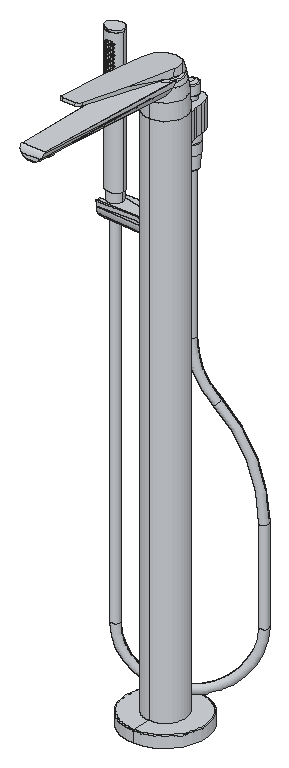
Revit family "Faucet-Bath_Filler-KOHLER-Avid-K-T97367", category Plumbing Fixtures, host Face, Revit 2015
Parameters (values of type "CP-Polished Chrome")
  Width = 4 3/4"  # constant formula
  WaterSense Certified = 1 = 0  # no
  Waste Water Outlet = "Waste Water Outlet"  # constant formula
  Waste Connection = 1 = 0  # no
  Vent Connection = 1 = 0  # no
  URL = "https://www.us.kohler.com/us/"
  Type = 1
  Spout Reach = 8 7/8"  # constant formula
  Product Page URL = "http://www.us.kohler.com/us/catalog/productDetails.jsp?productNumber=T97367-4"
  Product Name = "Avid"  # constant formula
  Product Documentation Link = "https://www.us.kohler.com/webassets/kpna/catalog/pdf/en/K-T97367-4_spec.pdf"
  Pressure = 45.00 psi  # constant formula
  Model = if(Type = 1, "K-T97367-4-CP", if(Type = 2, "K-T97367-4-BN", "NA"))  # "K-T97367-4-CP"
  Material = "Premium Metal Construction"  # constant formula
  MasterFormat 2004 = "22.41.39"  # constant formula
  MasterFormat 1995 = "15410"  # constant formula
  Manufacturer Address = "444 Highland Dr, Kohler, WI 53044"  # constant formula
  Manufacturer = "KOHLER Co."  # constant formula
  Length = Spout Reach  # 8 7/8"
  Hot Water Inlet = "Hot Water Inlet"  # constant formula
  Height = 36 9/16"  # constant formula
  Handle Clearance = 7 7/32"  # constant formula
  HW Connection = 1 = 1  # yes
  Flow Rate = 7.5 GPM  # constant formula
  Finish = Kohler-Metal-CP-Polished_Chrome
  Environmental Product Declaration = ""
  Drain Included = 1 = 0  # no
  Description = "Floor-Mount Bath Filler Trim"  # constant formula
  Default Elevation = 0"
  Declare Label = ""
  Date Modified = "06/19/2019"  # constant formula
  Date Created = "06/19/2019"  # constant formula
  Copyright = "Copyright KOHLER Co."  # constant formula
  Contact Us = "https://www.us.kohler.com/us/static/contact.jsp"
  Cold Water Inlet = "Cold Water Inlet"  # constant formula
  CW Connection = 1 = 1  # yes
  Assembly Code = "D2010"
  ADA Compliant = 1 = 0  # no
Reference planes (in)
  plane 1 "Center (Front/Back)": y = 0
  plane 2: z = 0
  plane 3 "Center (Left/Right)": x = 0
  plane 4: x = 2.375
  plane 5: x = -2.375
  plane 6: y = 2.375
  plane 7: y = -2.375
  plane 8: z = 34.48
  plane 9: z = 36.3582
  plane 10: z = 35.209
  plane 11: y = -8.875
  plane 12: y = -7.21875
  plane 13: x = -3.5625
  plane 14: z = 27.6707
  plane 15: x = -0.54927
  plane 16: x = 0.54927
  plane 17: z = 36.5625
  plane 18: y = 7.875
Dimensions and locks (in)
  host face to plane 8 = 34.48"
  locked: plane 9 to plane 14 at 8.6875
  "Handle Clearance": plane 1 "Center (Front/Back)" to plane 12
  "Width": plane 5 to plane 4
  locked: plane 3 "Center (Left/Right)" to plane 13 at 3.5625
  "Height": plane 17 to level
  locked: level to plane 8 at 34.48
  "Length": plane 1 "Center (Front/Back)" to plane 11
  "Spout Reach": plane 11 to plane 1 "Center (Front/Back)"
  locked: plane 18 to plane 1 "Center (Front/Back)" at 7.875
  aligned and locked: plane 2 to host face
  aligned and locked: level to host face
Automatic sketch dimensions
  host sketch curve to host sketch curve = 96"  (x2)
Nested families (in)
  nested 1: "K-T97367" at (0, 0, 0), type "K-T97367"
Connectors (in)
  piping at (-0.54927, 0, 0), diameter 0.5, driven by "HW Connection", driven by "Hot Water Inlet", driven by "Flow Rate", driven by "Pressure"
    settings: on nested 1, index 1, connector inside diameter 24", connector length 0", flow factor 0, pipe flow 7.5 GPM, pressure drop 45.00 psi, fitting loss kfactor 0, connector angle 0.00°, fixture units 0, engagement length 0", angle of deflection 0.00°, flow configuration 1, flow direction 1, fitting loss method 4, system type 19, joint type 0, gender type 0, connector reference index -1, connector utility 1, adjustable connector no, is connector primary yes, connector description "Hot Water Inlet"
  piping at (0.54927, 0, 0), diameter 0.5, driven by "Flow Rate", driven by "Pressure", driven by "CW Connection", driven by "Cold Water Inlet"
    settings: on nested 1, index 2, connector inside diameter 24", connector length 0", flow factor 0, pipe flow 7.5 GPM, pressure drop 45.00 psi, fitting loss kfactor 0, connector angle 0.00°, fixture units 0, engagement length 0", angle of deflection 0.00°, flow configuration 1, flow direction 1, fitting loss method 4, system type 20, joint type 0, gender type 0, connector reference index -1, connector utility 1, adjustable connector no, is connector primary no, connector description "Cold Water Inlet"
Definition of nested family "K-T97367"
  Parameters (values of type "K-T97367")
    Material = none
  Reference planes (in)
    plane 1 "Center (Front/Back)": y = 0
    plane 2: z = 0
    plane 3 "Center (Left/Right)": x = 0
    plane 4: z = 36.562
    plane 5: z = 26.201
    plane 6: z = 27.838
    plane 7: x = -2.375
    plane 8: z = 34.48
    plane 9: z = 31.904
    plane 10: y = -7.21875
    plane 11: y = 2.706
    plane 12: y = -8.875
    plane 13 "A": through (-2.91759, -0.00005, 48) normal (-0.5592, 0.829, 0)
    plane 14: y = 2.375
    plane 15: y = -2.375
    plane 16: x = 2.375
    plane 17: x = -3.5625
    plane 18: z = 25.21849
    plane 19: z = 27.08786
    plane 20: z = 36.3582
    plane 21: z = 27.6707
    plane 22: z = 35.209
    plane 23: x = -0.54927
    plane 24: x = 0.54927
  Forms (in)
    Revolve 1, solid, material <- "Material", detail levels medium+fine
      sketch origin (0, 0, 0) x (0, -1, 0) y (0, 0, 1)
        loop
          line (-2.375, 0) -> (0, 0) -> (0, 35.3936) -> (-0.57756, 35.3936)
          arc (-0.57756, 35.3936) -> (-0.67017, 35.17924) -> (-0.73702, 34.95551) r 1.989
          line (-0.73702, 34.95551) -> (-0.93199, 34.9249)
          arc (-0.93199, 34.9249) -> (-0.96746, 34.90953) -> (-0.99101, 34.87888) r 0.07711
          arc (-0.99101, 34.87888) -> (-1.03721, 34.75057) -> (-1.06875, 34.6179) r 1.21577
          arc (-1.06875, 34.6179) -> (-1.12069, 34.26945) -> (-1.15212, 33.91857) r 6.009
          arc (-1.15212, 33.91857) -> (-1.17395, 33.43379) -> (-1.18123, 32.94858) r 16.17261
          line (-1.18123, 32.94858) -> (-1.18123, 0.68897) -> (-2.3342, 0.68897)
          arc (-2.3342, 0.68897) -> (-2.36305, 0.67702) -> (-2.375, 0.64817) r 0.0408
          line (-2.375, 0.64817) -> (-2.375, 0)
        axis (0, 35.3936) -> (0, 0)
      angle from 0 to 360
    SweptBlend 2, solid, material <- "Material", detail levels medium+fine
      path origin (0, 0, 0) x (0, 1, 0) y (0, 0, 1)
        loop
          line (0.20085, 34.46296) -> (-10.29275, 34.82941)
      profile origin (0, 0.20085, 34.46296) x (0, -0.034899, -0.999391) y (1, 0, 0)
        loop
          arc (0.33349, 0.61108) -> (0.14586, 0.78525) -> (-0.08846, 0.88837) r 0.77095
          arc (-0.08846, 0.88837) -> (-0.24846, 0.9166) -> (-0.41087, 0.92122) r 1.11204
          arc (-0.41087, 0.92122) -> (-0.42713, 0.91383) -> (-0.43378, 0.89725) r 0.02399
          line (-0.43378, 0.89725) -> (-0.43378, -0.89725)
          arc (-0.43378, -0.89725) -> (-0.42713, -0.91383) -> (-0.41087, -0.92122) r 0.02399
          arc (-0.41087, -0.92122) -> (-0.38698, -0.92203) -> (-0.36309, -0.92232) r 1.11204
          arc (-0.36309, -0.92232) -> (-0.22471, -0.91392) -> (-0.08846, -0.88837) r 1.11204
          arc (-0.08846, -0.88837) -> (0.14586, -0.78525) -> (0.33349, -0.61108) r 0.77095
          arc (0.33349, -0.61108) -> (0.48798, -0.32274) -> (0.54137, 0) r 1.00211
          arc (0.54137, 0) -> (0.48798, 0.32274) -> (0.33349, 0.61108) r 1.00211
      end profile origin (0, -10.29275, 34.82941) x (0, -0.034899, -0.999391) y (1, 0, 0)
        loop
          arc (-0.38489, -0.67388) -> (-0.3812, -0.69191) -> (-0.37071, -0.70704) r 0.04588
          arc (-0.37071, -0.70704) -> (-0.35155, -0.71801) -> (-0.32949, -0.71875) r 0.04588
          arc (-0.32949, -0.71875) -> (-0.26844, -0.70303) -> (-0.20896, -0.68214) r 0.73525
          arc (-0.20896, -0.68214) -> (-0.01712, -0.56904) -> (0.13206, -0.40369) r 0.73525
          arc (0.13206, -0.40369) -> (0.25153, 0.04881) -> (0.07373, 0.48174) r 0.73525
          arc (0.07373, 0.48174) -> (-0.01114, 0.56507) -> (-0.10834, 0.63363) r 0.73525
          arc (-0.10834, 0.63363) -> (-0.21532, 0.68561) -> (-0.32948, 0.71875) r 0.73525
          arc (-0.32948, 0.71875) -> (-0.35155, 0.71801) -> (-0.37071, 0.70704) r 0.04588
          arc (-0.37071, 0.70704) -> (-0.3812, 0.69191) -> (-0.38489, 0.67388) r 0.04588
          line (-0.38489, 0.67388) -> (-0.38489, -0.67388)
    Extrusion 3, void
      sketch origin (0, 0, 0) x (0, 1, 0) y (0, 0, 1)
        loop
          arc (-10.0429, 34.82068) -> (-9.94419, 35.07942) -> (-9.70281, 35.21514) r 0.40708
          line (-9.70281, 35.21514) -> (-10.4691, 35.2553) -> (-10.4691, 34.52013) -> (-9.9571, 34.49329)
          arc (-9.9571, 34.49329) -> (-10.02206, 34.53306) -> (-10.04666, 34.60514) r 0.1122
          line (-10.04666, 34.60514) -> (-10.0429, 34.82068)
      from -1.28262 to 1.38183
    Extrusion 4, solid, material <- "Material", detail levels medium+fine
      sketch origin (0, 0, 0) x (1, 0, 0) y (0, 1, 0)
        loop
          arc (-0.79001, 1.33811) -> (-0.81235, 1.1978) -> (-0.84442, 1.05938) r 2.03755
          arc (-0.84442, 1.05938) -> (-0.89394, 0.85351) -> (-0.93251, 0.64531) r 4.00381
          line (-0.93251, 0.64531) -> (0.96938, 0.64531)
          arc (0.96938, 0.64531) -> (0.90289, 0.8513) -> (0.84327, 1.05938) r 6.53492
          arc (0.84327, 1.05938) -> (0.8112, 1.1978) -> (0.78886, 1.33811) r 2.03755
          arc (0.78886, 1.33811) -> (0.7648, 1.53551) -> (0.74143, 1.73299) r 57.18807
          arc (0.74143, 1.73299) -> (0.7208, 1.91239) -> (0.70074, 2.09185) r 57.18807
          arc (0.70074, 2.09185) -> (0.62217, 2.34051) -> (0.45443, 2.54018) r 0.66845
          arc (0.45443, 2.54018) -> (-0.00057, 2.70005) -> (-0.45558, 2.54018) r 0.72742
          arc (-0.45558, 2.54018) -> (-0.62332, 2.34051) -> (-0.70189, 2.09185) r 0.66845
          arc (-0.70189, 2.09185) -> (-0.72195, 1.91239) -> (-0.74258, 1.73299) r 57.18807
          arc (-0.74258, 1.73299) -> (-0.76595, 1.53551) -> (-0.79001, 1.33811) r 57.18807
      from 31.11645 to 32.69125
    SweptBlend 5, solid, material <- "Material", detail levels medium+fine
      path origin (0.0625, 0, 0) x (1, 0, 0) y (0, 1, 0)
        loop
          line (-0.98262, 0.07874) -> (-3.68064, 0.07874)
      profile origin (-0.92012, 0.07874, 0) x (0, -1, 0) y (0, 0, 1)
        loop
          line (0.07874, 27.088) -> (-0.58037, 27.088)
          arc (-0.58037, 27.088) -> (-0.60079, 27.07954) -> (-0.60926, 27.05911) r 0.02889
          line (-0.60926, 27.05911) -> (-0.60926, 26.99388) -> (-0.60926, 26.79578) -> (-0.60926, 26.62713)
          arc (-0.60926, 26.62713) -> (-0.54823, 26.3386) -> (-0.37562, 26.09947) r 0.71266
          arc (-0.37562, 26.09947) -> (0.07874, 25.924) -> (0.5331, 26.09947) r 0.67597
          arc (0.5331, 26.09947) -> (0.70572, 26.3386) -> (0.76674, 26.62713) r 0.71266
          line (0.76674, 26.62713) -> (0.76674, 26.83855) -> (0.76674, 27.05911)
          arc (0.76674, 27.05911) -> (0.75828, 27.07954) -> (0.73785, 27.088) r 0.02889
          line (0.73785, 27.088) -> (0.07874, 27.088)
      end profile origin (-3.61814, 0.07874, 0) x (0, -1, 0) y (0, 0, 1)
        loop
          arc (-0.52642, 27.0866) -> (-0.54708, 27.07788) -> (-0.55526, 27.05701) r 0.02885
          line (-0.55526, 27.05701) -> (-0.55265, 26.95575) -> (-0.54794, 26.77267) -> (-0.54794, 26.70098)
          arc (-0.54794, 26.70098) -> (-0.50542, 26.46538) -> (-0.38322, 26.25951) r 0.67395
          arc (-0.38322, 26.25951) -> (0.07874, 26.04861) -> (0.5407, 26.25951) r 0.61139
          arc (0.5407, 26.25951) -> (0.6629, 26.46538) -> (0.70543, 26.70098) r 0.67395
          line (0.70543, 26.70098) -> (0.70543, 26.77267) -> (0.71274, 27.05712)
          arc (0.71274, 27.05712) -> (0.70459, 27.07792) -> (0.68401, 27.0866) r 0.02874
          line (0.68401, 27.0866) -> (-0.52642, 27.0866)
    Extrusion 6, void
      sketch origin (0.0625, -0.03906, 0) x (1, 0, 0) y (0, 1, 0)
        loop
          arc (-3.36392, -0.30314) -> (-2.8853, -0.36801) -> (-2.62527, 0.03902) r 0.44857
          arc (-2.62527, 0.03902) -> (-2.93501, 0.46556) -> (-3.43647, 0.30305) r 0.44857
          line (-3.43647, 0.30305) -> (-3.94898, 0.30307) -> (-3.94898, -0.30317) -> (-3.36392, -0.30314)
      from 22.98369 to 28.36142
    Blend 7, solid, material <- "Material", detail levels medium+fine
      base sketch origin (0, -6.30203, -0.69555) x (1, 0, 0) y (0, 0.985425, -0.17011)
        loop
          line (0.60154, -6.99827) -> (0.91411, -0.48493)
          arc (0.91411, -0.48493) -> (0.89193, -0.11281) -> (0.79088, 0.24602) r 1.7375
          arc (0.79088, 0.24602) -> (0, 0.78063) -> (-0.79088, 0.24602) r 0.85231
          arc (-0.79088, 0.24602) -> (-0.89193, -0.11281) -> (-0.91411, -0.48493) r 1.7375
          line (-0.91411, -0.48493) -> (-0.60197, -6.98935)
          arc (-0.60197, -6.98935) -> (-0.53038, -7.146) -> (-0.37048, -7.21) r 0.23176
          line (-0.37048, -7.21) -> (0.37941, -7.21)
          arc (0.37941, -7.21) -> (0.53285, -7.14859) -> (0.60154, -6.99827) r 0.22239
      top sketch origin (0, -6.30203, -0.69555) x (1, 0, 0) y (0, 0.985425, -0.17011)
        loop
          arc (-0.60155, -6.99562) -> (-0.52922, -7.14806) -> (-0.37228, -7.21) r 0.22979
          line (-0.37228, -7.21) -> (0.38019, -7.21)
          arc (0.38019, -7.21) -> (0.53135, -7.15034) -> (0.60102, -7.00352) r 0.22133
          line (0.60102, -7.00352) -> (0.98969, -1.22128)
          arc (0.98969, -1.22128) -> (1.01, -0.9067) -> (1.02866, -0.59202) r 59.74463
          arc (1.02866, -0.59202) -> (1.02817, -0.18978) -> (0.98132, 0.20972) r 3.48329
          arc (0.98132, 0.20972) -> (0, 1.03315) -> (-0.98132, 0.20972) r 0.99645
          arc (-0.98132, 0.20972) -> (-1.02817, -0.18978) -> (-1.02866, -0.59202) r 3.48329
          arc (-1.02866, -0.59202) -> (-1.01, -0.9067) -> (-0.98969, -1.22128) r 59.74463
          line (-0.98969, -1.22128) -> (-0.60155, -6.99562)
      from 36.98935 to 36.44229
    Extrusion 8, void
      sketch origin (0, 0, 0) x (0, 1, 0) y (0, 0, 1)
        loop
          line (-7.20999, 36.562) -> (1.06893, 35.4553) -> (1.06893, 37.52495) -> (-7.20999, 37.52495) -> (-7.20999, 36.562)
      from -1.00868 to 12
    Extrusion 9, solid, material <- "Material", detail levels medium+fine
      sketch origin (0, 0, 0) x (1, 0, 0) y (0, 1, 0)
        loop
          spline (-3.56439, 0.00002) -> (-3.54567, -0.12444) -> (-3.49078, -0.24042) -> (-3.40347, -0.34001) -> (-3.28969, -0.41643) -> (-3.15718, -0.46447) -> (-3.01499, -0.48085) -> (-2.87279, -0.46447) -> (-2.74029, -0.41643) -> (-2.6265, -0.34001) -> (-2.53919, -0.24042) -> (-2.48431, -0.12444) -> (-2.46559, 0.00002)
          spline (-2.46559, 0.00002) -> (-2.48431, 0.12448) -> (-2.53919, 0.24045) -> (-2.6265, 0.34005) -> (-2.74029, 0.41647) -> (-2.87279, 0.46451) -> (-3.01499, 0.48089) -> (-3.15718, 0.46451) -> (-3.28969, 0.41647) -> (-3.40347, 0.34005) -> (-3.49078, 0.24045) -> (-3.54567, 0.12448) -> (-3.56439, 0.00002)
      from 27.6707 to 36.3582
    Extrusion 10, solid, material <- "Material", detail levels medium+fine
      sketch origin (-0.09375, 0, 0) x (1, 0, 0) y (0, 1, 0)
        loop
          circle (-2.91759, -0.00005) r 0.44857
      from 26.2842 to 27.91199
    Sweep 11, solid, material <- "Material", detail levels medium+fine
      path origin (-0.9123, 1.35254, 0) x (-0.829038, -0.559193, 0) y (0, 0, 1)
        loop
          line (2.47426, 27.7862) -> (2.47426, 4.46766)
          arc (2.47426, 4.46766) -> (-1.01326, 0.98014) -> (-4.50078, 4.46766) r 3.48752
          line (-4.50078, 4.46766) -> (-4.50078, 10.06248)
          arc (-4.50078, 10.06248) -> (-3.93564, 13.44757) -> (-2.30153, 16.46548) r 10.42061
          arc (-2.30153, 16.46548) -> (-1.41292, 18.10658) -> (-1.1056, 19.94734) r 5.66658
          line (-1.1056, 19.94734) -> (-1.1056, 30.69734)
      profile origin (-2.96356, -0.03105, 16.12693) x (-0.559193, 0.829038, 0) y (-0.829038, -0.559193, 0)
        loop
          circle (0, 0) r 0.25
    Revolve 12, solid, material <- "Material", detail levels medium+fine
      sketch origin (0, 0, 0) x (0, 1, 0) y (0, 0, 1)
        loop
          line (1.97715, 31.11645) -> (1.97715, 28.99122) -> (2.33916, 28.99122)
          arc (2.33916, 28.99122) -> (2.36757, 29.0027) -> (2.38003, 29.03068) r 0.04089
          line (2.38003, 29.03068) -> (2.40697, 29.8022) -> (2.43975, 29.81748) -> (2.43975, 30.41044)
          arc (2.43975, 30.41044) -> (2.44716, 30.42658) -> (2.44969, 30.44415) r 0.06212
          line (2.44969, 30.44415) -> (2.44969, 31.11645) -> (1.97715, 31.11645)
        loop
          line (1.97715, 33.57314) -> (1.97715, 32.69125) -> (2.2606, 32.69125) -> (2.2606, 32.95241)
          arc (2.2606, 32.95241) -> (2.26944, 32.97375) -> (2.29078, 32.98259) r 0.03018
          line (2.29078, 32.98259) -> (2.33975, 32.98259)
          arc (2.33975, 32.98259) -> (2.36174, 32.9917) -> (2.37085, 33.01369) r 0.0311
          line (2.37085, 33.01369) -> (2.37085, 33.54051)
          arc (2.37085, 33.54051) -> (2.36129, 33.56358) -> (2.33822, 33.57314) r 0.03263
          line (2.33822, 33.57314) -> (1.97715, 33.57314)
        axis (1.97715, 33.57314) -> (1.97715, 28.99122)
      angle from 0 to 360
    Revolve 13, solid, material <- "Material", detail levels medium+fine
      sketch origin (0, -1.20362, -0.27612) x (0, 0.999395, -0.034782) y (0, 0.034782, 0.999395)
        loop
          line (-8.89288, 34.47502) -> (-8.54619, 34.45669)
          arc (-8.54619, 34.45669) -> (-8.53154, 34.46187) -> (-8.52485, 34.47588) r 0.0203
          line (-8.52485, 34.47588) -> (-8.51412, 34.67874) -> (-8.88921, 34.69857) -> (-8.89288, 34.47502)
        axis (-8.89309, 34.46239) -> (-8.88921, 34.69857)
      angle from 0 to 360
    Extrusion 14, void
      sketch origin (0, 0, 0) x (1, 0, 0) y (0, 1, 0)
        loop
          spline (-2.46559, 0.00002) -> (-2.48431, 0.12448) -> (-2.53919, 0.24045) -> (-2.6265, 0.34005) -> (-2.74029, 0.41647) -> (-2.87279, 0.46451) -> (-3.01499, 0.48089) -> (-3.15718, 0.46451) -> (-3.28969, 0.41647) -> (-3.40347, 0.34005) -> (-3.49078, 0.24045) -> (-3.54567, 0.12448) -> (-3.56439, 0.00002)
          spline (-3.56439, 0.00002) -> (-3.54567, -0.12444) -> (-3.49078, -0.24042) -> (-3.40347, -0.34001) -> (-3.28969, -0.41643) -> (-3.15718, -0.46447) -> (-3.01499, -0.48085) -> (-2.87279, -0.46447) -> (-2.74029, -0.41643) -> (-2.6265, -0.34001) -> (-2.53919, -0.24042) -> (-2.48431, -0.12444) -> (-2.46559, 0.00002)
        loop
          spline (-2.47573, 0.00002) -> (-2.4941, 0.11893) -> (-2.54798, 0.22974) -> (-2.63367, 0.32489) -> (-2.74536, 0.39791) -> (-2.87542, 0.44381) -> (-3.01499, 0.45946) -> (-3.15456, 0.44381) -> (-3.28462, 0.39791) -> (-3.3963, 0.32489) -> (-3.482, 0.22974) -> (-3.53587, 0.11893) -> (-3.55425, 0.00002)
          spline (-3.55425, 0.00002) -> (-3.53587, -0.11889) -> (-3.482, -0.2297) -> (-3.3963, -0.32486) -> (-3.28462, -0.39787) -> (-3.15456, -0.44377) -> (-3.01499, -0.45942) -> (-2.87542, -0.44377) -> (-2.74536, -0.39787) -> (-2.63367, -0.32486) -> (-2.54798, -0.2297) -> (-2.4941, -0.11889) -> (-2.47573, 0.00002)
      from 32.54195 to 32.59566
    Extrusion 15, void
      sketch origin (0, 0, 3.6875) x (1, 0, 0) y (0, 1, 0)
        loop
          spline (-2.46559, 0.00002) -> (-2.48431, 0.12448) -> (-2.53919, 0.24045) -> (-2.6265, 0.34005) -> (-2.74029, 0.41647) -> (-2.87279, 0.46451) -> (-3.01499, 0.48089) -> (-3.15718, 0.46451) -> (-3.28969, 0.41647) -> (-3.40347, 0.34005) -> (-3.49078, 0.24045) -> (-3.54567, 0.12448) -> (-3.56439, 0.00002)
          spline (-3.56439, 0.00002) -> (-3.54567, -0.12444) -> (-3.49078, -0.24042) -> (-3.40347, -0.34001) -> (-3.28969, -0.41643) -> (-3.15718, -0.46447) -> (-3.01499, -0.48085) -> (-2.87279, -0.46447) -> (-2.74029, -0.41643) -> (-2.6265, -0.34001) -> (-2.53919, -0.24042) -> (-2.48431, -0.12444) -> (-2.46559, 0.00002)
        loop
          spline (-2.47573, 0.00002) -> (-2.4941, 0.11893) -> (-2.54798, 0.22974) -> (-2.63367, 0.32489) -> (-2.74536, 0.39791) -> (-2.87542, 0.44381) -> (-3.01499, 0.45946) -> (-3.15456, 0.44381) -> (-3.28462, 0.39791) -> (-3.3963, 0.32489) -> (-3.482, 0.22974) -> (-3.53587, 0.11893) -> (-3.55425, 0.00002)
          spline (-3.55425, 0.00002) -> (-3.53587, -0.11889) -> (-3.482, -0.2297) -> (-3.3963, -0.32486) -> (-3.28462, -0.39787) -> (-3.15456, -0.44377) -> (-3.01499, -0.45942) -> (-2.87542, -0.44377) -> (-2.74536, -0.39787) -> (-2.63367, -0.32486) -> (-2.54798, -0.2297) -> (-2.4941, -0.11889) -> (-2.47573, 0.00002)
      from 32.54195 to 32.59566
    Extrusion 16, solid, detail levels medium+fine
      sketch origin (0, 0, 0) x (1, 0, 0) y (0, 0, 1)
        loop
          circle (-3.12095, 35.73047) r 0.06418
        loop
          circle (-2.90193, 35.73047) r 0.06418
        loop
          circle (-3.12095, 35.534) r 0.06418
        loop
          circle (-2.90193, 35.534) r 0.06418
        loop
          circle (-3.12095, 35.33343) r 0.06418
        loop
          circle (-2.90193, 35.33343) r 0.06418
        loop
          circle (-3.12095, 35.13244) r 0.06418
        loop
          circle (-2.90193, 35.13244) r 0.06418
        loop
          circle (-3.12095, 34.93632) r 0.06418
        loop
          circle (-2.90193, 34.93632) r 0.06418
        loop
          circle (-3.12095, 34.73635) r 0.06418
        loop
          circle (-2.90193, 34.73635) r 0.06418
        loop
          circle (-3.12095, 34.5396) r 0.06418
        loop
          circle (-2.90193, 34.5396) r 0.06418
        loop
          circle (-3.12095, 34.34297) r 0.06418
        loop
          circle (-2.90193, 34.34297) r 0.06418
        loop
          circle (-3.12095, 34.14168) r 0.06418
        loop
          circle (-2.90193, 34.14168) r 0.06418
        loop
          circle (-3.12095, 33.94464) r 0.06418
        loop
          circle (-2.90193, 33.94464) r 0.06418
        loop
          circle (-3.12095, 33.74681) r 0.06418
        loop
          circle (-2.90193, 33.74681) r 0.06418
        loop
          circle (-3.12095, 33.54386) r 0.06418
        loop
          circle (-2.90193, 33.54386) r 0.06418
        loop
          circle (-3.12152, 33.34699) r 0.06418
        loop
          circle (-2.9025, 33.34699) r 0.06418
        loop
          circle (-3.12137, 33.15023) r 0.06418
        loop
          circle (-2.90235, 33.15023) r 0.06418
        loop
          circle (-3.22685, 35.62977) r 0.06484
        loop
          circle (-3.01086, 35.63346) r 0.06484
        loop
          circle (-2.796, 35.62955) r 0.06484
        loop
          circle (-3.22685, 35.43062) r 0.06484
        loop
          circle (-3.01086, 35.43431) r 0.06484
        loop
          circle (-2.796, 35.4304) r 0.06484
        loop
          circle (-3.22685, 35.23388) r 0.06484
        loop
          circle (-3.01086, 35.23758) r 0.06484
        loop
          circle (-2.796, 35.23367) r 0.06484
        loop
          circle (-3.22685, 35.03726) r 0.06484
        loop
          circle (-3.01086, 35.04095) r 0.06484
        loop
          circle (-2.796, 35.03705) r 0.06484
        loop
          circle (-3.22685, 34.83673) r 0.06484
        loop
          circle (-3.01086, 34.84042) r 0.06484
        loop
          circle (-2.796, 34.83652) r 0.06484
        loop
          circle (-3.22685, 34.63864) r 0.06484
        loop
          circle (-3.01086, 34.64233) r 0.06484
        loop
          circle (-2.796, 34.63842) r 0.06484
        loop
          circle (-3.22685, 34.44064) r 0.06484
        loop
          circle (-3.01086, 34.44433) r 0.06484
        loop
          circle (-2.796, 34.44042) r 0.06484
        loop
          circle (-3.22685, 34.23905) r 0.06484
        loop
          circle (-3.01086, 34.24274) r 0.06484
        loop
          circle (-2.796, 34.23884) r 0.06484
        loop
          circle (-3.22685, 34.03958) r 0.06484
        loop
          circle (-3.01086, 34.04327) r 0.06484
        loop
          circle (-2.796, 34.03936) r 0.06484
        loop
          circle (-3.22685, 33.83758) r 0.06484
        loop
          circle (-3.01086, 33.84127) r 0.06484
        loop
          circle (-2.796, 33.83736) r 0.06484
        loop
          circle (-3.22685, 33.6438) r 0.06484
        loop
          circle (-3.01086, 33.64749) r 0.06484
        loop
          circle (-2.796, 33.64359) r 0.06484
        loop
          circle (-3.22685, 33.44718) r 0.06484
        loop
          circle (-3.01086, 33.45087) r 0.06484
        loop
          circle (-2.796, 33.44696) r 0.06484
        loop
          circle (-3.22685, 33.24825) r 0.06484
        loop
          circle (-3.01086, 33.25194) r 0.06484
        loop
          circle (-2.796, 33.24804) r 0.06484
      from 0 to 0.72643
    Extrusion 17, void
      sketch origin (0, 0, 0) x (1, 0, 0) y (0, 1, 0)
        loop
          line (-3.3378, -0.42904) -> (-3.3378, -0.76918) -> (-2.69023, -0.76918) -> (-2.69023, -0.4326)
          arc (-2.69023, -0.4326) -> (-3.01444, -0.50899) -> (-3.3378, -0.42904) r 0.70968
      from 32.69125 to 35.9372
    Revolve 18, solid, material <- "Material", detail levels coarse
      sketch origin (0, 0, 0) x (0, 1, 0) y (0, 0, 1)
        loop
          line (0, 35.18514) -> (0, 0) -> (2.375, 0) -> (2.375, 0.68897) -> (1.18123, 0.68897) -> (1.18123, 35.18514) -> (0, 35.18514)
        axis (0, 35.18514) -> (0, 0)
      angle from 0 to 360
    Extrusion 19, solid, material <- "Material", detail levels coarse
      sketch origin (0, 0, 0) x (1, 0, 0) y (0, 1, 0)
        loop
          line (-0.84174, 0.19866) -> (-0.84174, -10.05134) -> (0.81752, -10.05134) -> (0.81752, 0.19866) -> (-0.84174, 0.19866)
      from 34.46875 to 34.95551
    Extrusion 20, solid, material <- "Material", detail levels coarse
      sketch origin (0, -6.33158, -0.69747) x (1, 0, 0) y (0, 0.985302, -0.170823)
        loop
          line (-0.65384, 0.98142) -> (-0.65384, -7.21875) -> (0.59033, -7.21875) -> (0.59033, 0.98142) -> (-0.65384, 0.98142)
      from 36.4477 to 36.57244
    Extrusion 21, solid, material <- "Material", detail levels coarse
      sketch origin (0, 0, 0) x (1, 0, 0) y (0, 1, 0)
        loop
          spline (-3.61151, 0) -> (-3.59154, -0.13183) -> (-3.53298, -0.25468) -> (-3.43982, -0.36018) -> (-3.31842, -0.44113) -> (-3.17705, -0.49201) -> (-3.02533, -0.50937) -> (-2.87362, -0.49201) -> (-2.73225, -0.44113) -> (-2.61084, -0.36018) -> (-2.51769, -0.25468) -> (-2.45913, -0.13183) -> (-2.43916, 0)
          spline (-2.43916, 0) -> (-2.45913, 0.13183) -> (-2.51769, 0.25468) -> (-2.61084, 0.36018) -> (-2.73225, 0.44113) -> (-2.87362, 0.49201) -> (-3.02533, 0.50937) -> (-3.17705, 0.49201) -> (-3.31842, 0.44113) -> (-3.43982, 0.36018) -> (-3.53298, 0.25468) -> (-3.59154, 0.13183) -> (-3.61151, 0)
      from 27.0869 to 36.3582
    Extrusion 22, solid, material <- "Material", detail levels coarse
      sketch origin (0, 0, 0) x (1, 0, 0) y (0, 1, 0)
        loop
          line (-3.61814, 0.63139) -> (-3.61814, -0.66365) -> (-0.86814, -0.66365) -> (-0.86814, 0.63139) -> (-3.61814, 0.63139)
      from 25.96559 to 27.08728
    Sweep 23, solid, material <- "Material", detail levels coarse
      path origin (-0.9123, 1.35254, 0) x (-0.829038, -0.559193, 0) y (0, 0, 1)
        loop
          line (2.47426, 25.96559) -> (2.47426, 4.46766)
          arc (2.47426, 4.46766) -> (-1.01326, 0.98014) -> (-4.50078, 4.46766) r 3.48752
          line (-4.50078, 4.46766) -> (-4.50078, 10.06248)
          arc (-4.50078, 10.06248) -> (-3.93564, 13.44757) -> (-2.30153, 16.46548) r 10.42061
          arc (-2.30153, 16.46548) -> (-1.41292, 18.10658) -> (-1.1056, 19.94734) r 5.66658
          line (-1.1056, 19.94734) -> (-1.1056, 33.44734)
      profile origin (-2.96356, -0.03105, 15.21663) x (-0.559193, 0.829038, 0) y (-0.829038, -0.559193, 0)
        loop
          circle (0, 0) r 0.25
    Extrusion 24, solid, material <- "Material", detail levels coarse
      sketch origin (0, 0, 0) x (1, 0, 0) y (0, 1, 0)
        loop
          line (-0.68436, 2.706) -> (-0.68436, 0) -> (0.76733, 0) -> (0.76733, 2.706) -> (-0.68436, 2.706)
      from 31.11645 to 32.69125
    Extrusion 25, solid, material <- "Material", detail levels medium+fine
      sketch origin (0, 0, 0) x (1, 0, 0) y (0, 1, 0)
        loop
          circle (-0.54927, 0) r 0.25
        loop
          circle (0.54927, 0) r 0.25
      from 0 to 0.21002
  Cuts and joins
    Extrusion 15 cuts Revolve 1
    Extrusion 3, Extrusion 15 cuts SweptBlend 2
    Extrusion 15 cuts Extrusion 4
    Extrusion 6, Extrusion 15 cuts SweptBlend 5
    Extrusion 8, Extrusion 15 cuts Blend 7
    Extrusion 14, Extrusion 15 cuts Extrusion 9
    Extrusion 15 cuts Extrusion 10
    joined: Revolve 1, SweptBlend 2, Extrusion 4, SweptBlend 5, Blend 7, Extrusion 9, Extrusion 10, Sweep 11, Revolve 12
    Extrusion 17 cuts Extrusion 16
    joined: Revolve 18, Extrusion 19, Extrusion 20, Extrusion 21, Extrusion 22, Sweep 23, Extrusion 24
  Lines and regions (in)
    Masking region 1
      outline origin (0, 0, 0) x (0, 1, 0) y (0, 0, 1)
        loop
          line (2.375, 0) -> (2.375, 0.64817)
          arc (2.375, 0.64817) -> (2.36305, 0.67702) -> (2.3342, 0.68897) r 0.0408
          line (2.3342, 0.68897) -> (1.18123, 0.68897) -> (1.18123, 0.93912)
          arc (1.18123, 0.93912) -> (1.46898, 0.8051) -> (1.77907, 0.73721) r 1.44379
          arc (1.77907, 0.73721) -> (2.03196, 0.73448) -> (2.28084, 0.77939) r 1.33815
          arc (2.28084, 0.77939) -> (2.58924, 0.90087) -> (2.86658, 1.08236) r 1.62593
          arc (2.86658, 1.08236) -> (3.34417, 1.58302) -> (3.68015, 2.18789) r 2.7228
          arc (3.68015, 2.18789) -> (4.00855, 3.31002) -> (4.11935, 4.47397) r 6.16923
          line (4.11935, 4.47397) -> (4.11935, 10.18697)
          arc (4.11935, 10.18697) -> (4.02207, 12.01181) -> (3.73136, 13.81597) r 17.16573
          arc (3.73136, 13.81597) -> (3.3466, 15.27935) -> (2.83447, 16.70317) r 17.16573
          arc (2.83447, 16.70317) -> (2.37567, 18.22933) -> (2.22079, 19.81543) r 8.19869
          line (2.22079, 19.81543) -> (2.22079, 28.99122) -> (2.33916, 28.99122)
          arc (2.33916, 28.99122) -> (2.36757, 29.0027) -> (2.38003, 29.03068) r 0.04089
          line (2.38003, 29.03068) -> (2.40697, 29.8022) -> (2.43975, 29.81748) -> (2.43975, 30.41044)
          arc (2.43975, 30.41044) -> (2.44715, 30.42658) -> (2.44969, 30.44415) r 0.06212
          line (2.44969, 30.44415) -> (2.44969, 31.11645) -> (2.706, 31.11645) -> (2.706, 32.69125) -> (2.2606, 32.69125) -> (2.2606, 32.95241)
          arc (2.2606, 32.95241) -> (2.26944, 32.97375) -> (2.29078, 32.98259) r 0.03018
          line (2.29078, 32.98259) -> (2.33975, 32.98259)
          arc (2.33975, 32.98259) -> (2.36173, 32.9917) -> (2.37084, 33.01369) r 0.0311
          line (2.37084, 33.01369) -> (2.37084, 33.54051)
          arc (2.37084, 33.54051) -> (2.36129, 33.56358) -> (2.33822, 33.57314) r 0.03263
          line (2.33822, 33.57314) -> (1.97715, 33.57314) -> (1.61608, 33.57314)
          arc (1.61608, 33.57314) -> (1.59301, 33.56358) -> (1.58345, 33.54051) r 0.03263
          line (1.58345, 33.54051) -> (1.58345, 33.01369)
          arc (1.58345, 33.01369) -> (1.59256, 32.9917) -> (1.61455, 32.98259) r 0.0311
          line (1.61455, 32.98259) -> (1.66352, 32.98259)
          arc (1.66352, 32.98259) -> (1.68485, 32.97375) -> (1.69369, 32.95241) r 0.03018
          line (1.69369, 32.95241) -> (1.69369, 32.69125) -> (1.18123, 32.69125) -> (1.18123, 32.94858)
          arc (1.18123, 32.94858) -> (1.17395, 33.43379) -> (1.15212, 33.91857) r 16.17261
          arc (1.15212, 33.91857) -> (1.12069, 34.26945) -> (1.06875, 34.6179) r 6.009
          arc (1.06875, 34.6179) -> (1.03721, 34.75057) -> (0.99101, 34.87888) r 1.21577
          arc (0.99101, 34.87888) -> (0.96746, 34.90953) -> (0.93199, 34.9249) r 0.07711
          line (0.93199, 34.9249) -> (0.73702, 34.95551)
          arc (0.73702, 34.95551) -> (0.72171, 35.01613) -> (0.70451, 35.07624) r 1.989
          line (0.70451, 35.07624) -> (0.91526, 35.03986) -> (0.79423, 35.49202) -> (0.48089, 35.53402) -> (0.48089, 36.22945) -> (0.44805, 36.22945) -> (0.44805, 36.28316) -> (0.48089, 36.28316) -> (0.48089, 36.3582) -> (-0.48089, 36.3582) -> (-0.48089, 36.28316) -> (-0.44805, 36.28316) -> (-0.44805, 36.22945) -> (-0.48085, 36.22945) -> (-0.48085, 35.79409) -> (-0.51536, 35.79347)
          spline (-0.51536, 35.79347) -> (-0.51646, 35.79161) -> (-0.51752, 35.78895) -> (-0.51852, 35.78554) -> (-0.51945, 35.78141) -> (-0.52029, 35.77661) -> (-0.52104, 35.77122) -> (-0.52169, 35.7653) -> (-0.52223, 35.75892) -> (-0.52265, 35.75216) -> (-0.52294, 35.74512) -> (-0.52311, 35.73788) -> (-0.52315, 35.73054)
          arc (-0.52315, 35.73054) -> (-0.52254, 35.6994) -> (-0.52095, 35.66829) r 0.99186
          line (-0.52095, 35.66829) -> (-7.19582, 36.56196) -> (-7.21875, 36.444) -> (-0.61957, 35.30481)
          arc (-0.61957, 35.30481) -> (-0.6864, 35.13288) -> (-0.73702, 34.95551) r 1.989
          line (-0.73702, 34.95551) -> (-0.89746, 34.93032) -> (-9.76862, 35.209)
          arc (-9.76862, 35.209) -> (-9.96564, 35.05711) -> (-10.04301, 34.82069) r 0.42244
          line (-10.04301, 34.82069) -> (-10.04666, 34.61149)
          arc (-10.04666, 34.61149) -> (-10.04484, 34.58934) -> (-10.0387, 34.56799) r 0.1122
          line (-10.0387, 34.56799) -> (-9.25886, 34.52071)
          arc (-9.25886, 34.52071) -> (-9.25119, 34.50558) -> (-9.23558, 34.49894) r 0.02475
          line (-9.23558, 34.49894) -> (-8.55047, 34.46303)
          arc (-8.55047, 34.46303) -> (-8.53542, 34.46611) -> (-8.52378, 34.47613) r 0.03051
          line (-8.52378, 34.47613) -> (-2.48383, 34.10356)
          arc (-2.48383, 34.10356) -> (-1.55802, 33.66895) -> (-1.18123, 32.71814) r 1.38806
          line (-1.18123, 32.71814) -> (-1.18123, 0.68897) -> (-2.3342, 0.68897)
          arc (-2.3342, 0.68897) -> (-2.36305, 0.67702) -> (-2.375, 0.64817) r 0.0408
          line (-2.375, 0.64817) -> (-2.375, 0) -> (0, 0) -> (2.375, 0)
        loop
          line (1.72079, 28.99122) -> (1.61513, 28.99122)
          arc (1.61513, 28.99122) -> (1.58673, 29.0027) -> (1.57427, 29.03068) r 0.04089
          line (1.57427, 29.03068) -> (1.54732, 29.8022) -> (1.51455, 29.81748) -> (1.51455, 30.41044)
          arc (1.51455, 30.41044) -> (1.50714, 30.42658) -> (1.5046, 30.44415) r 0.06212
          line (1.5046, 30.44415) -> (1.5046, 31.11645) -> (1.18123, 31.11645) -> (1.18123, 1.56202)
          arc (1.18123, 1.56202) -> (1.43226, 1.36942) -> (1.72604, 1.25192) r 1.1587
          arc (1.72604, 1.25192) -> (1.91756, 1.22848) -> (2.10909, 1.25192) r 0.79427
          arc (2.10909, 1.25192) -> (2.37461, 1.35453) -> (2.60642, 1.51974) r 1.1395
          arc (2.60642, 1.51974) -> (2.99534, 1.97381) -> (3.26726, 2.50626) r 2.53801
          arc (3.26726, 2.50626) -> (3.53063, 3.47449) -> (3.61934, 4.47397) r 5.67462
          line (3.61934, 4.47397) -> (3.61934, 9.97397)
          arc (3.61934, 9.97397) -> (3.55779, 11.50604) -> (3.37354, 13.02824) r 19.09869
          arc (3.37354, 13.02824) -> (3.14718, 14.1475) -> (2.83444, 15.24577) r 14.6681
          arc (2.83444, 15.24577) -> (2.63451, 15.81575) -> (2.41083, 16.37683) r 14.38075
          arc (2.41083, 16.37683) -> (1.89504, 18.04265) -> (1.72079, 19.77776) r 8.72588
          line (1.72079, 19.77776) -> (1.72079, 28.99122)
    Masking region 2
      outline origin (0, 0, 0) x (1, 0, 0) y (0, 0, 1)
        loop
          line (-2.375, 0) -> (0, 0) -> (2.375, 0) -> (2.375, 0.64817)
          arc (2.375, 0.64817) -> (2.36305, 0.67702) -> (2.3342, 0.68897) r 0.0408
          line (2.3342, 0.68897) -> (1.18123, 0.68897) -> (1.18123, 1.04026)
          arc (1.18123, 1.04026) -> (1.8698, 1.52041) -> (2.40748, 2.16506) r 3.15676
          arc (2.40748, 2.16506) -> (2.90033, 3.26466) -> (3.06902, 4.45779) r 4.30381
          line (3.06902, 4.45779) -> (3.06902, 10.12498)
          arc (3.06902, 10.12498) -> (2.96861, 11.6926) -> (2.66905, 13.23461) r 12.28809
          arc (2.66905, 13.23461) -> (2.0567, 15.00904) -> (1.18123, 16.66951) r 12.28809
          line (1.18123, 16.66951) -> (1.18123, 32.94858)
          arc (1.18123, 32.94858) -> (1.17395, 33.43379) -> (1.15212, 33.91857) r 16.17261
          arc (1.15212, 33.91857) -> (1.12069, 34.26945) -> (1.06875, 34.6179) r 6.009
          arc (1.06875, 34.6179) -> (1.03721, 34.75057) -> (0.99101, 34.87888) r 1.21577
          arc (0.99101, 34.87888) -> (0.96746, 34.90953) -> (0.93199, 34.9249) r 0.07711
          line (0.93199, 34.9249) -> (0.88532, 34.93223) -> (0.77175, 35.10214)
          spline (0.77175, 35.10214) -> (0.79785, 35.10781) -> (0.82251, 35.11368) -> (0.84568, 35.11971) -> (0.86733, 35.12591) -> (0.8874, 35.13226) -> (0.90587, 35.13875) -> (0.9227, 35.14536) -> (0.93786, 35.15209) -> (0.95133, 35.15893) -> (0.96307, 35.16585) -> (0.97307, 35.17286) -> (0.98132, 35.17993)
          spline (0.98132, 35.17993) -> (0.99233, 35.19119) -> (1.00206, 35.20247) -> (1.01052, 35.21379) -> (1.01769, 35.22514) -> (1.02357, 35.23651) -> (1.02817, 35.24789) -> (1.03148, 35.25929) -> (1.0335, 35.27069) -> (1.03422, 35.2821) -> (1.03366, 35.29351) -> (1.0318, 35.30492) -> (1.02866, 35.31631)
          arc (1.02866, 35.31631) -> (0.99201, 35.4946) -> (0.95048, 35.6718) r 6.61431
          line (0.95048, 35.6718) -> (0.86288, 35.95434)
          arc (0.86288, 35.95434) -> (0.80799, 36.10814) -> (0.74036, 36.25677) r 1.93834
          line (0.74036, 36.25677) -> (0.60115, 36.53136)
          spline (0.60115, 36.53136) -> (0.60094, 36.53533) -> (0.59669, 36.53925) -> (0.58848, 36.54307) -> (0.57646, 36.54671) -> (0.56086, 36.55009) -> (0.54194, 36.55317) -> (0.52007, 36.55588) -> (0.49564, 36.55818) -> (0.46909, 36.56002) -> (0.44092, 36.56136) -> (0.41163, 36.5622) -> (0.38177, 36.5625)
          line (0.38177, 36.5625) -> (-0.37376, 36.5625)
          spline (-0.37376, 36.5625) -> (-0.40471, 36.56218) -> (-0.43507, 36.56132) -> (-0.46428, 36.55993) -> (-0.4918, 36.55803) -> (-0.51715, 36.55565) -> (-0.53985, 36.55285) -> (-0.5595, 36.54966) -> (-0.57574, 36.54616) -> (-0.58827, 36.54239) -> (-0.59687, 36.53844) -> (-0.60138, 36.53437) -> (-0.60171, 36.53026)
          line (-0.60171, 36.53026) -> (-0.74036, 36.25677)
          arc (-0.74036, 36.25677) -> (-0.80799, 36.10814) -> (-0.86288, 35.95434) r 1.93834
          line (-0.86288, 35.95434) -> (-0.95048, 35.6718)
          arc (-0.95048, 35.6718) -> (-0.99201, 35.4946) -> (-1.02866, 35.31631) r 6.61431
          spline (-1.02866, 35.31631) -> (-1.0318, 35.30492) -> (-1.03366, 35.29351) -> (-1.03422, 35.2821) -> (-1.0335, 35.27069) -> (-1.03148, 35.25929) -> (-1.02817, 35.24789) -> (-1.02357, 35.23651) -> (-1.01769, 35.22514) -> (-1.01052, 35.21379) -> (-1.00206, 35.20247) -> (-0.99233, 35.19119) -> (-0.98132, 35.17993)
          spline (-0.98132, 35.17993) -> (-0.97307, 35.17286) -> (-0.96307, 35.16585) -> (-0.95133, 35.15893) -> (-0.93786, 35.15209) -> (-0.9227, 35.14536) -> (-0.90587, 35.13875) -> (-0.8874, 35.13226) -> (-0.86733, 35.12591) -> (-0.84568, 35.11971) -> (-0.82251, 35.11368) -> (-0.79785, 35.10781) -> (-0.77175, 35.10214)
          line (-0.77175, 35.10214) -> (-0.88564, 34.93218) -> (-0.93199, 34.9249)
          arc (-0.93199, 34.9249) -> (-0.96746, 34.90953) -> (-0.99101, 34.87888) r 0.07711
          arc (-0.99101, 34.87888) -> (-1.03721, 34.75057) -> (-1.06875, 34.6179) r 1.21577
          arc (-1.06875, 34.6179) -> (-1.12069, 34.26945) -> (-1.15212, 33.91857) r 6.009
          arc (-1.15212, 33.91857) -> (-1.17395, 33.43379) -> (-1.18123, 32.94858) r 16.17261
          line (-1.18123, 32.94858) -> (-1.18123, 27.08786) -> (-2.56277, 27.08715) -> (-2.56277, 27.6707) -> (-2.46559, 27.6707) -> (-2.46559, 32.54195) -> (-2.49803, 32.54195) -> (-2.49803, 32.59566) -> (-2.46559, 32.59566) -> (-2.46559, 36.22945) -> (-2.49882, 36.22945) -> (-2.49882, 36.28316) -> (-2.46559, 36.28316) -> (-2.46559, 36.3582) -> (-3.5625, 36.3582) -> (-3.5625, 36.28316) -> (-3.53175, 36.28316) -> (-3.53175, 36.22945) -> (-3.5625, 36.22945) -> (-3.5625, 32.59566) -> (-3.53155, 32.59566) -> (-3.53155, 32.54195) -> (-3.5625, 32.54195) -> (-3.5625, 27.6707) -> (-3.45991, 27.6707) -> (-3.45991, 27.08668) -> (-3.49891, 27.08666)
          arc (-3.49891, 27.08666) -> (-3.58322, 27.0517) -> (-3.61814, 26.96737) r 0.11929
          line (-3.61814, 26.96737) -> (-3.61814, 26.10854) -> (-3.37397, 26.09675)
          arc (-3.37397, 26.09675) -> (-3.29585, 26.14102) -> (-3.21356, 26.17694) r 0.86347
          line (-3.21356, 26.17694) -> (-3.21356, 4.46392)
          arc (-3.21356, 4.46392) -> (-3.15567, 3.75483) -> (-2.98353, 3.06451) r 4.37189
          arc (-2.98353, 3.06451) -> (-2.62519, 2.29374) -> (-2.10814, 1.61909) r 3.89394
          arc (-2.10814, 1.61909) -> (-1.67653, 1.24805) -> (-1.18123, 0.96763) r 2.92497
          line (-1.18123, 0.96763) -> (-1.18123, 0.68897) -> (-2.3342, 0.68897)
          arc (-2.3342, 0.68897) -> (-2.36305, 0.67702) -> (-2.375, 0.64817) r 0.0408
          line (-2.375, 0.64817) -> (-2.375, 0)
        loop
          line (-2.71356, 26.10357) -> (-2.71356, 4.5342)
          arc (-2.71356, 4.5342) -> (-2.62406, 3.67222) -> (-2.35937, 2.84701) r 4.19566
          arc (-2.35937, 2.84701) -> (-1.99095, 2.23163) -> (-1.48109, 1.72717) r 2.86218
          arc (-1.48109, 1.72717) -> (-1.33434, 1.62177) -> (-1.18123, 1.52583) r 2.86218
          line (-1.18123, 1.52583) -> (-1.18123, 25.21849)
          arc (-1.18123, 25.21849) -> (-1.38826, 25.73587) -> (-1.89505, 25.96762) r 0.75
          line (-1.89505, 25.96762) -> (-2.56277, 25.99986)
          arc (-2.56277, 25.99986) -> (-2.636, 26.05486) -> (-2.71356, 26.10357) r 1.10028
        loop
          line (2.56902, 4.37738) -> (2.56902, 9.98131)
          arc (2.56902, 9.98131) -> (2.47198, 11.5516) -> (2.18234, 13.098) r 12.75387
          arc (2.18234, 13.098) -> (1.76277, 14.4069) -> (1.18123, 15.65232) r 10.85958
          line (1.18123, 15.65232) -> (1.18123, 1.62)
          arc (1.18123, 1.62) -> (1.6475, 2.02296) -> (2.02665, 2.50878) r 3.15852
          arc (2.02665, 2.50878) -> (2.43068, 3.40452) -> (2.56902, 4.37738) r 3.49011
    Masking region 3
      outline origin (0, 0, 0) x (1, 0, 0) y (0, 1, 0)
        loop
          arc (2.375, 0) -> (1.95058, 1.35494) -> (0.82902, 2.22561) r 2.375
          line (0.82902, 2.22561) -> (2.96029, 3.66317)
          arc (2.96029, 3.66317) -> (3.02774, 4.01017) -> (2.68074, 4.07762) r 0.24996
          line (2.68074, 4.07762) -> (0.42961, 2.55921)
          arc (0.42961, 2.55921) -> (-0.01621, 2.69988) -> (-0.45558, 2.54018) r 0.72742
          arc (-0.45558, 2.54018) -> (-0.56893, 2.42406) -> (-0.65096, 2.28405) r 0.66845
          arc (-0.65096, 2.28405) -> (-1.64257, 1.7154) -> (-2.25367, 0.74938) r 2.375
          line (-2.25367, 0.74938) -> (-2.38822, 0.65863) -> (-3.61814, 0.634) -> (-3.61814, 0.264) -> (-3.47421, 0.26399)
          spline (-3.47421, 0.26399) -> (-3.48827, 0.24423) -> (-3.50122, 0.22389) -> (-3.51303, 0.20302) -> (-3.52368, 0.18168) -> (-3.53313, 0.15992) -> (-3.54136, 0.13778) -> (-3.54836, 0.11532) -> (-3.55412, 0.09258) -> (-3.5586, 0.06963) -> (-3.56181, 0.04652) -> (-3.56375, 0.0233) -> (-3.56439, 0.00002)
          spline (-3.56439, 0.00002) -> (-3.56319, -0.03169) -> (-3.55961, -0.06326) -> (-3.55366, -0.09456) -> (-3.54536, -0.12544) -> (-3.53475, -0.15578) -> (-3.52188, -0.18544) -> (-3.50681, -0.21429) -> (-3.48959, -0.24221) -> (-3.47031, -0.26908) -> (-3.44904, -0.29477) -> (-3.42589, -0.31918) -> (-3.40095, -0.34221)
          line (-3.40095, -0.34221) -> (-3.61814, -0.34222) -> (-3.61814, -0.63401) -> (-2.2813, -0.66054)
          arc (-2.2813, -0.66054) -> (-1.77699, -1.57573) -> (-0.9287, -2.1859) r 2.375
          line (-0.9287, -2.1859) -> (-0.85403, -3.26259) -> (-0.72675, -9.87099)
          spline (-0.72675, -9.87099) -> (-0.72481, -9.88264) -> (-0.72261, -9.89397) -> (-0.72015, -9.90495) -> (-0.71743, -9.91557) -> (-0.71446, -9.92581) -> (-0.71125, -9.93566) -> (-0.70779, -9.9451) -> (-0.70409, -9.95412) -> (-0.70016, -9.96271) -> (-0.69601, -9.97085) -> (-0.69164, -9.97853) -> (-0.68705, -9.98574)
          spline (-0.68705, -9.98574) -> (-0.67967, -9.99492) -> (-0.67171, -10.00335) -> (-0.6632, -10.011) -> (-0.65415, -10.01787) -> (-0.64458, -10.02392) -> (-0.63451, -10.02916) -> (-0.62397, -10.03357) -> (-0.61298, -10.03714) -> (-0.60157, -10.03985) -> (-0.58975, -10.04172) -> (-0.57756, -10.04272) -> (-0.56502, -10.04286)
          spline (-0.56502, -10.04286) -> (-0.55358, -10.0431) -> (-0.54182, -10.04332) -> (-0.52976, -10.04354) -> (-0.5174, -10.04376) -> (-0.50476, -10.04397) -> (-0.49182, -10.04417) -> (-0.47861, -10.04437) -> (-0.46513, -10.04457) -> (-0.45139, -10.04476) -> (-0.4374, -10.04494) -> (-0.42316, -10.04512) -> (-0.40868, -10.04529)
          spline (-0.40868, -10.04529) -> (-0.39634, -10.04543) -> (-0.38385, -10.04556) -> (-0.3712, -10.04569) -> (-0.35841, -10.04582) -> (-0.34548, -10.04594) -> (-0.3324, -10.04605) -> (-0.3192, -10.04617) -> (-0.30587, -10.04627) -> (-0.29243, -10.04638) -> (-0.27886, -10.04647) -> (-0.26519, -10.04657) -> (-0.25141, -10.04666)
          line (-0.25141, -10.04666) -> (0.24384, -10.04666)
          spline (0.24384, -10.04666) -> (0.26434, -10.04652) -> (0.2846, -10.04638) -> (0.3046, -10.04622) -> (0.32433, -10.04606) -> (0.34376, -10.04588) -> (0.36289, -10.0457) -> (0.38169, -10.0455) -> (0.40014, -10.0453) -> (0.41824, -10.04508) -> (0.43596, -10.04486) -> (0.45328, -10.04462) -> (0.4702, -10.04438)
          spline (0.4702, -10.04438) -> (0.47823, -10.04427) -> (0.48616, -10.04415) -> (0.49399, -10.04404) -> (0.50173, -10.04392) -> (0.50937, -10.0438) -> (0.51691, -10.04368) -> (0.52435, -10.04355) -> (0.53169, -10.04343) -> (0.53892, -10.0433) -> (0.54604, -10.04317) -> (0.55306, -10.04304) -> (0.55996, -10.0429)
          spline (0.55996, -10.0429) -> (0.56683, -10.04271) -> (0.57358, -10.04233) -> (0.58021, -10.04178) -> (0.58672, -10.04106) -> (0.59311, -10.04016) -> (0.59937, -10.03909) -> (0.60549, -10.03784) -> (0.61149, -10.03642) -> (0.61735, -10.03483) -> (0.62307, -10.03307) -> (0.62864, -10.03113) -> (0.63406, -10.02899)
          spline (0.63406, -10.02899) -> (0.64678, -10.0229) -> (0.65874, -10.01534) -> (0.66988, -10.00635) -> (0.68016, -9.99597) -> (0.68952, -9.98424) -> (0.69794, -9.9712) -> (0.70538, -9.95693) -> (0.71179, -9.94147) -> (0.71716, -9.9249) -> (0.72146, -9.90728) -> (0.72468, -9.8887) -> (0.72679, -9.86923)
          line (0.72679, -9.86923) -> (0.85403, -3.26259) -> (0.9287, -2.1859)
          arc (0.9287, -2.1859) -> (1.98069, -1.31053) -> (2.375, 0) r 2.375
    symbolic lines, detail levels medium+fine
      curve 1: line (0, 1.6937, 32.69125) -> (0, 2.2606, 32.69125)
      curve 2: line (0, 1.50461, 31.11645) -> (0, 2.44969, 31.11645)
      curve 3: line (0, 1.51455, 30.41044) -> (0, 2.43975, 30.41044)
      curve 4: line (0, 1.54733, 29.8022) -> (0, 2.40697, 29.8022)
      curve 5: line (0, 1.72079, 28.99122) -> (0, 2.22079, 28.99122)
      curve 6: line (0, 1.72079, 28.49122) -> (0, 2.22079, 28.49122)
      curve 7: line (0, 1.72079, 27.99122) -> (0, 2.22079, 27.99122)
      curve 8: line (0, 1.72079, 27.49122) -> (0, 2.22079, 27.49122)
      curve 9: line (0, 1.72079, 26.99122) -> (0, 2.22079, 26.99122)
      curve 10: line (0, 1.72079, 26.49122) -> (0, 2.22079, 26.49122)
      curve 11: line (0, 1.72079, 25.99122) -> (0, 2.22079, 25.99122)
      curve 12: line (0, 1.72079, 25.49122) -> (0, 2.22079, 25.49122)
      curve 13: line (0, 1.72079, 24.99122) -> (0, 2.22079, 24.99122)
      curve 14: line (0, 1.72079, 24.49122) -> (0, 2.22079, 24.49122)
      curve 15: line (0, 1.72079, 23.99122) -> (0, 2.22079, 23.99122)
      curve 16: line (0, 1.72079, 23.49122) -> (0, 2.22079, 23.49122)
      curve 17: line (0, 1.72079, 22.99122) -> (0, 2.22079, 22.99122)
      curve 18: line (0, 1.72079, 22.49122) -> (0, 2.22079, 22.49122)
      curve 19: line (0, 1.72079, 21.99122) -> (0, 2.22079, 21.99122)
      curve 20: line (0, 1.72079, 21.49122) -> (0, 2.22079, 21.49122)
      curve 21: line (0, 1.72079, 20.99122) -> (0, 2.22079, 20.99122)
      curve 22: line (0, 1.72079, 20.49122) -> (0, 2.22079, 20.49122)
      curve 23: line (0, 1.72079, 19.99122) -> (0, 2.22079, 19.99122)
      curve 24: line (0, 1.82241, 18.47804) -> (0, 2.32657, 18.56693)
      curve 25: line (0, 1.73857, 19.23241) -> (0, 2.2495, 19.27711)
      curve 26: line (0, 2.17423, 17.00148) -> (0, 2.66644, 17.18063)
      curve 27: line (0, 1.96915, 17.73142) -> (0, 2.46675, 17.86649)
      curve 28: line (0, 2.44659, 16.29157) -> (0, 2.91275, 16.50895)
      curve 29: line (0, 2.72242, 15.57452) -> (0, 3.15297, 15.81758)
      curve 30: line (0, 2.93888, 14.87973) -> (0, 3.38998, 15.11456)
      curve 31: line (0, 3.11365, 14.26547) -> (0, 3.55826, 14.4728)
      curve 32: line (0, 3.37584, 13.01399) -> (0, 3.83331, 13.1805)
      curve 33: line (0, 3.25002, 13.63917) -> (0, 3.72687, 13.83669)
      curve 34: line (0, 3.47549, 12.18392) -> (0, 3.96866, 12.33941)
      curve 35: line (0, 3.56385, 11.3577) -> (0, 4.05021, 11.48802)
      curve 36: line (0, 3.61728, 9.69364) -> (0, 4.11935, 9.69364)
      curve 37: line (0, 3.61076, 10.19364) -> (0, 4.11935, 10.19364)
      curve 38: line (0, 3.59051, 10.69364) -> (0, 4.09051, 10.69364)
      curve 39: line (0, 3.61728, 9.19364) -> (0, 4.11935, 9.19364)
      curve 40: line (0, 3.61728, 8.69364) -> (0, 4.11935, 8.69364)
      curve 41: line (0, 3.61728, 8.19364) -> (0, 4.11935, 8.19364)
      curve 42: line (0, 3.61728, 7.69364) -> (0, 4.11935, 7.69364)
      curve 43: line (0, 3.61728, 7.19364) -> (0, 4.11935, 7.19364)
      curve 44: line (0, 3.61728, 6.69364) -> (0, 4.11935, 6.69364)
      curve 45: line (0, 3.61728, 6.19364) -> (0, 4.11935, 6.19364)
      curve 46: line (0, 3.61728, 5.69364) -> (0, 4.11935, 5.69364)
      curve 47: line (0, 3.61728, 5.19364) -> (0, 4.11935, 5.19364)
      curve 48: line (0, 3.61728, 4.69364) -> (0, 4.11935, 4.69364)
      curve 49: line (0, 3.60706, 4.19909) -> (0, 4.10426, 4.15559)
      curve 50: line (0, 3.56164, 3.70662) -> (0, 4.05329, 3.61992)
      curve 51: line (0, 3.47335, 3.22) -> (0, 3.95541, 3.09083)
      curve 52: line (0, 3.34259, 2.74308) -> (0, 3.81243, 2.57207)
      curve 53: line (0, 3.27445, 2.52575) -> (0, 3.72427, 2.31599)
      curve 54: line (0, 3.0814, 2.11405) -> (0, 3.4989, 1.82171)
      curve 55: line (0, 2.81871, 1.74379) -> (0, 3.17984, 1.38266)
      curve 56: line (0, 2.49387, 1.42869) -> (0, 2.78148, 1.01794)
      curve 57: line (0, 2.17585, 1.27082) -> (0, 2.3056, 0.78658)
      curve 58: line (0, 1.82255, 1.23425) -> (0, 1.77907, 0.73721)
      curve 59: line (0, 1.48742, 1.33998) -> (0, 1.27594, 0.88646)
      curve 60: line (0, 0.21895, 27.08768) -> (0, 0.21895, 4.45381)
      curve 61: line (0, -0.28105, 27.08768) -> (0, -0.28105, 4.46096)
      curve 62: line (0, 1.18123, 0.68897) -> (0, -1.18123, 0.68897)
      curve 63: line (0, 1.02815, 1.72824) -> (0, 0.76458, 1.27173)
      curve 64: line (0, 0.72274, 2.1815) -> (0, 0.3826, 1.77614)
      curve 65: line (0, 0.50478, 2.68568) -> (0, 0.10018, 2.34618)
      curve 66: line (0, 0.29142, 3.55484) -> (0, -0.17071, 3.28803)
      curve 67: line (0, 0.21895, 4.57317) -> (0, -0.28067, 4.39133)
      curve 68: line (0, 0.21895, 26.7862) -> (0, -0.28105, 26.7862)
      curve 69: line (0, 0.21895, 26.2862) -> (0, -0.28105, 26.2862)
      curve 70: line (0, 0.21895, 25.7862) -> (0, -0.28105, 25.7862)
      curve 71: line (0, 0.21895, 25.2862) -> (0, -0.28105, 25.2862)
      curve 72: line (0, 0.21895, 24.7862) -> (0, -0.28105, 24.7862)
      curve 73: line (0, 0.21895, 24.2862) -> (0, -0.28105, 24.2862)
      curve 74: line (0, 0.21895, 23.7862) -> (0, -0.28105, 23.7862)
      curve 75: line (0, 0.21895, 23.2862) -> (0, -0.28105, 23.2862)
      curve 76: line (0, 0.21895, 22.7862) -> (0, -0.28105, 22.7862)
      curve 77: line (0, 0.21895, 22.2862) -> (0, -0.28105, 22.2862)
      curve 78: line (0, 0.21895, 21.7862) -> (0, -0.28105, 21.7862)
      curve 79: line (0, 0.21895, 21.2862) -> (0, -0.28105, 21.2862)
      curve 80: line (0, 0.21895, 20.7862) -> (0, -0.28105, 20.7862)
      curve 81: line (0, 0.21895, 20.2862) -> (0, -0.28105, 20.2862)
      curve 82: line (0, 0.21895, 19.7862) -> (0, -0.28105, 19.7862)
      curve 83: line (0, 0.21895, 19.2862) -> (0, -0.28105, 19.2862)
      curve 84: line (0, 0.21895, 18.7862) -> (0, -0.28105, 18.7862)
      curve 85: line (0, 0.21895, 18.2862) -> (0, -0.28105, 18.2862)
      curve 86: line (0, 0.21895, 17.7862) -> (0, -0.28105, 17.7862)
      curve 87: line (0, 0.21895, 17.2862) -> (0, -0.28105, 17.2862)
      curve 88: line (0, 0.21895, 16.7862) -> (0, -0.28105, 16.7862)
      curve 89: line (0, 0.21895, 16.2862) -> (0, -0.28105, 16.2862)
      curve 90: line (0, 0.21895, 15.7862) -> (0, -0.28105, 15.7862)
      curve 91: line (0, 0.21895, 15.2862) -> (0, -0.28105, 15.2862)
      curve 92: line (0, 0.21895, 14.7862) -> (0, -0.28105, 14.7862)
      curve 93: line (0, 0.21895, 14.2862) -> (0, -0.28105, 14.2862)
      curve 94: line (0, 0.21895, 13.7862) -> (0, -0.28105, 13.7862)
      curve 95: line (0, 0.21895, 13.2862) -> (0, -0.28105, 13.2862)
      curve 96: line (0, 0.21895, 12.7862) -> (0, -0.28105, 12.7862)
      curve 97: line (0, 0.21895, 12.2862) -> (0, -0.28105, 12.2862)
      curve 98: line (0, 0.21895, 11.7862) -> (0, -0.28105, 11.7862)
      curve 99: line (0, 0.21895, 11.2862) -> (0, -0.28105, 11.2862)
      curve 100: line (0, 0.21895, 10.7862) -> (0, -0.28105, 10.7862)
      curve 101: line (0, 0.21895, 10.2862) -> (0, -0.28105, 10.2862)
      curve 102: line (0, 0.21895, 9.7862) -> (0, -0.28105, 9.7862)
      curve 103: line (0, 0.21895, 9.2862) -> (0, -0.28105, 9.2862)
      curve 104: line (0, 0.21895, 8.7862) -> (0, -0.28105, 8.7862)
      curve 105: line (0, 0.21895, 8.2862) -> (0, -0.28105, 8.2862)
      curve 106: line (0, 0.21895, 7.7862) -> (0, -0.28105, 7.7862)
      curve 107: line (0, 0.21895, 7.2862) -> (0, -0.28105, 7.2862)
      curve 108: line (0, 0.21895, 6.7862) -> (0, -0.28105, 6.7862)
      curve 109: line (0, 0.21895, 6.2862) -> (0, -0.28105, 6.2862)
      curve 110: line (0, 0.21895, 5.7862) -> (0, -0.28105, 5.7862)
      curve 111: line (0, 0.21895, 5.2862) -> (0, -0.28105, 5.2862)
      curve 112: line (0, 1.18123, 27.08768) -> (0, 0.21895, 27.08768)
      curve 113: line (0, 0.68707, 26.79543) -> (0, 0.68707, 27.06036)
      curve 114: arc (0, 0.68707, 27.06036) -> (0, 0.67907, 27.07967) -> (0, 0.65975, 27.08768) r 0.02732
      curve 115: line (0, 0.68707, 26.62825) -> (0, 0.68707, 26.79543)
      curve 116: line (0, 0.45484, 26.10956) -> (0, 0.68707, 26.62825)
      curve 117: line (0, -0.68707, 26.62825) -> (0, -0.45484, 26.10956)
      curve 118: line (0, -0.68707, 26.83756) -> (0, -0.68707, 26.62825)
      curve 119: line (0, -0.68718, 27.06129) -> (0, -0.68707, 26.83756)
      curve 120: arc (0, -0.66082, 27.08768) -> (0, -0.67947, 27.07995) -> (0, -0.68718, 27.06129) r 0.02637
      curve 121: line (0, -0.62668, 26.77267) -> (0, -0.634, 27.05712)
      curve 122: arc (0, -0.46196, 26.25951) -> (0, -0.58416, 26.46538) -> (0, -0.62668, 26.70098) r 0.67395
      curve 123: line (0, -0.62668, 26.70098) -> (0, -0.62668, 26.77267)
      curve 124: arc (0, -0.34222, 26.15336) -> (0, -0.40558, 26.2025) -> (0, -0.46196, 26.25951) r 0.61139
      curve 125: arc (0, 0.46196, 26.25951) -> (0, 0.37074, 26.17384) -> (0, 0.26399, 26.10854) r 0.61139
      curve 126: arc (0, 0.62668, 26.70098) -> (0, 0.58416, 26.46538) -> (0, 0.46196, 26.25951) r 0.67395
      curve 127: line (0, 0.63139, 26.95575) -> (0, 0.62668, 26.77267)
      curve 128: line (0, 0.62668, 26.77267) -> (0, 0.62668, 26.70098)
